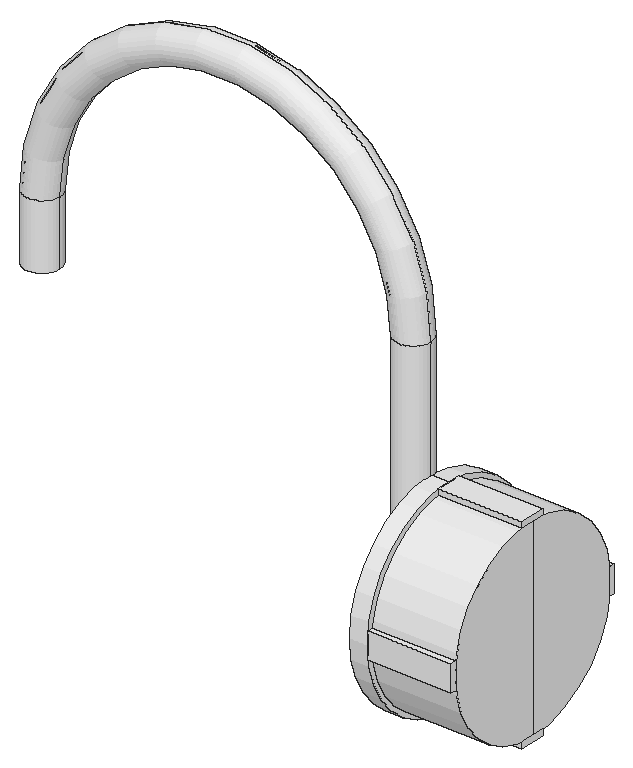
Revit family "WM40", category Generic Models, Revit 2017
Family settings
  Can host rebar = No
  Round Connector Dimension = Use Diameter
  Part Type = Normal
  Work Plane-Based = No
  Always vertical = Yes
  Cut with Voids When Loaded = No
  Shared = No
  Room Calculation Point = No
Parameters
  WM40 = Aluminum
Reference planes (in)
  plane 1 "Center (Front/Back)": y = 0
  plane 2: z = 0
  plane 3 "Center (Left/Right)": x = 0
Forms (in)
  Sweep 1, solid, material "Aluminum" <- "WM40"
    path origin (0.025, 0, 0) x (1, 0, 0) y (0, 0, 1)
      loop
        line (26.1537, 2.14632) -> (26.1537, 11.08806)
        arc (26.1537, 11.08806) -> (20.9037, 16.33806) -> (15.6537, 11.08806) r 5.25
        line (15.6537, 11.08806) -> (15.6537, 9.24643)
    profile origin (20.9287, 0, 16.33806) x (0, 0, -1) y (0, -1, 0)
      loop
        circle (0, 0) r 0.5
      loop
        circle (0, 0) r 0.4375
  Revolve 2, solid, material "Aluminum" <- "WM40"
    sketch origin (0, 0, 0) x (1, 0, 0) y (0, 0, 1)
      loop
        line (26.6787, 7.70681) -> (26.6787, 4.83181) -> (27.1787, 4.83181) -> (27.1787, 7.70681) -> (26.6787, 7.70681)
      axis (27.1787, 4.83181) -> (26.6787, 4.83181)
    angle from 0 to 360
  Revolve 3, solid, material "Aluminum" <- "WM40"
    sketch origin (0.025, 0, 0) x (1, 0, 0) y (0, 0, 1)
      loop
        line (25.7162, 2.14632) -> (26.1537, 2.14632) -> (26.1537, 2.27132) -> (25.7162, 2.27132) -> (25.7162, 2.14632)
      axis (26.1537, 2.14632) -> (26.1537, 2.27132)
    angle from 0 to 360
  Revolve 4, solid, material "Aluminum" <- "WM40"
    sketch origin (0, 0, 0) x (1, 0, 0) y (0, 0, 1)
      loop
        line (29.5537, 7.58181) -> (27.1787, 7.58181) -> (27.1787, 4.83181) -> (29.5537, 4.83181) -> (29.5537, 7.58181)
      axis (27.1787, 4.83181) -> (29.5537, 4.83181)
    angle from 0 to 360
  Extrusion 5, solid, material "Aluminum" <- "WM40"
    sketch origin (0, 0, 0) x (1, 0, 0) y (0, 0, 1)
      loop
        line (29.5537, 5.20681) -> (27.1787, 5.20681) -> (27.1787, 4.45681) -> (29.5537, 4.45681) -> (29.5537, 5.20681)
    from -2.875 to -2.71967
  Extrusion 6, solid, material "Aluminum" <- "WM40"
    sketch origin (0, 0, 0) x (1, 0, 0) y (0, 0, -1)
      loop
        line (29.5537, -5.20681) -> (29.5537, -4.45681) -> (27.1787, -4.45681) -> (27.1787, -5.20681) -> (29.5537, -5.20681)
    from -2.875 to -2.71967
  Extrusion 7, solid, material "Aluminum" <- "WM40"
    sketch origin (0, 4.83181, 4.83181) x (0, -1, 0) y (1, 0, 0)
      loop
        line (5.20681, 29.5537) -> (4.45681, 29.5537) -> (4.45681, 27.1787) -> (5.20681, 27.1787) -> (5.20681, 29.5537)
    from -2.875 to -2.71967
  Extrusion 8, solid, material "Aluminum" <- "WM40"
    sketch origin (0, 4.83297, 10.42654) x (1, 0, 0) y (0, 1, 0)
      loop
        line (29.5537, -5.20681) -> (29.5537, -4.45681) -> (27.1787, -4.45681) -> (27.1787, -5.20681) -> (29.5537, -5.20681)
    from -2.875 to -2.71967
Dimensions and locks (in)
  aligned and locked: plane 2 to level
